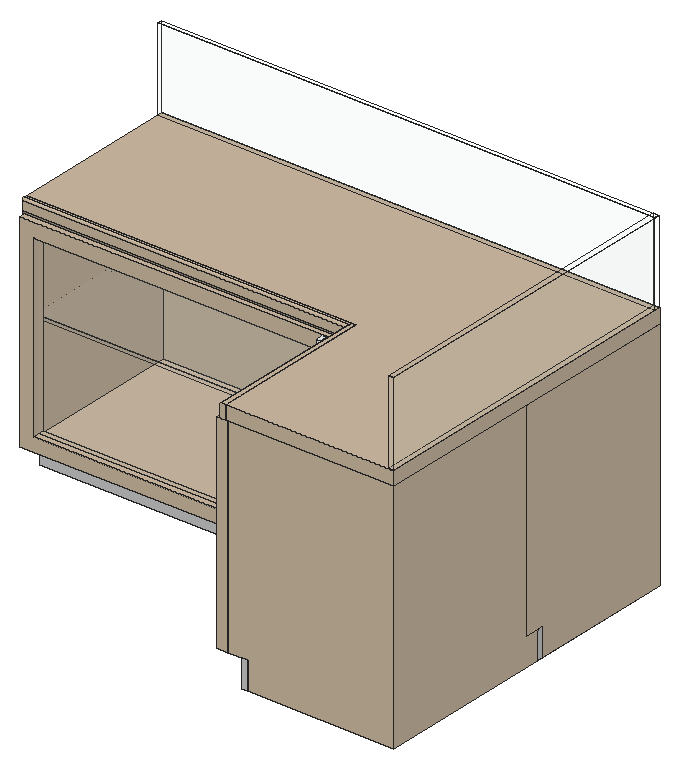
Revit family "Kitchen_Cabinet_Corner", category Casework, Revit 2021 (continued)
Forms (mm)
  Extrusion 24, solid, material "Revit Content - Wood" <- "Shell", visible <- "Corner Unit  Visibility"
    sketch origin (-3694.087, -870, 18.949) x (-1, 0, 0) y (0, 0, -1)
      loop
        line (-4594.087, -831.051) -> (-3994.087, -831.051) -> (-3994.087, -81.051) -> (-4064.087, -81.051) -> (-4064.087, 18.949) -> (-4594.087, 18.949) -> (-4594.087, -831.051)
    from 10 to 30
  Extrusion 25, solid, material "Revit Content - Kick Plate" <- "Kick Plate", visible <- "XXXCorner Unit Kickplate VisCalc"
    sketch origin (-3493.01, -900, 1000) x (-1, 0, 0) y (0, 0, 1)
      loop
        line (-3843.01, -900) -> (-3863.01, -900) -> (-3863.01, -1000) -> (-3843.01, -1000) -> (-3843.01, -900)
    from 0 to 650
  Extrusion 26, solid, material "Revit Content - Wood" <- "Shell", visible <- "Corner Unit  Visibility"
    sketch origin (0, 0, 0) x (1, 0, 0) y (0, 1, 0)
      loop
        line (880, 300) -> (880, -900) -> (900, -900) -> (900, 300) -> (880, 300)
    from 0 to 850
  Extrusion 27, solid, material "Revit Content - Wood" <- "Shell", visible <- "Corner Unit  Visibility"
    sketch origin (0, 0, 100) x (-1, 0, 0) y (0, -1, 0)
      loop
        line (-300, 300) -> (-300, 880) -> (-880, 880) -> (-880, 300) -> (-300, 300)
    from 0 to 20
  Extrusion 28, solid, material "Revit Content - Wood" <- "Shell", visible <- "Corner Unit  Visibility"
    sketch origin (0, 0, 830) x (-1, 0, 0) y (0, -1, 0)
      loop
        line (-300, 300) -> (-300, 900) -> (-900, 900) -> (-900, 300) -> (-300, 300)
    from 0 to 20
  Sweep 29, solid, material "Revit Content - Wood." <- "Top", visible <- "Corner Unit Top Profile VisCalc"
    path in 3D
      loop
        line (-900, -310, 900) -> (290, -310, 900) -> (290, -900, 900)
    profile origin (-305, -310, 900) x (0, 1, 0) y (0, 0, 1)
      loop
        line (0, 0) -> (-12, 0)
        arc (-12, 0) -> (-17.657, -2.343) -> (-20, -8) r 8
        line (-20, -8) -> (-20, -42)
        arc (-20, -42) -> (-17.657, -47.657) -> (-12, -50) r 8
        line (-12, -50) -> (0, -50) -> (0, 0)
  Sweep 30, solid, material "Revit Content - Wood" <- "Shell", visible <- "XXXWall Corner Unit Bottom Base VisCalc"
    path origin (0, 0, 100) x (-1, 0, 0) y (0, -1, 0)
      loop
        line (900, 300) -> (-300, 300) -> (-300, 900)
    profile origin (300, -600, 100) x (1, 0, 0) y (0, 0, 1)
      loop
        line (0, 0) -> (0, -40) -> (20, -40) -> (20, 0) -> (0, 0)
  Extrusion 31, solid, material "Revit Content - Wood" <- "Shell", visible <- "XXXWall Corner Unit Bottom Base VisCalc"
    sketch origin (0, 0, 100) x (-1, 0, 0) y (0, -1, 0)
      loop
        line (900, -300) -> (900, 300) -> (-300, 300) -> (-300, 900) -> (-900, 900) -> (-900, -300) -> (900, -300)
    from -20 to 0
  Extrusion 32, solid, material "Revit Content - Wood" <- "Shell", visible <- "Wall Corner Unit Bottom Profile Calc"
    sketch origin (0, 0, 100) x (-1, 0, 0) y (0, -1, 0)
      loop
        line (-320, 880) -> (-320, 900) -> (-900, 900) -> (-900, 880) -> (-320, 880)
    from -40 to 0
  Extrusion 33, solid, material "Revit Content - Wood" <- "Shell", visible <- "Wall Unit Left Side Bottom Profile Calc"
    sketch origin (0, 0, 100) x (-1, 0, 0) y (0, -1, 0)
      loop
        line (900, -300) -> (900, 280) -> (880, 280) -> (880, -300) -> (900, -300)
    from -40 to 0
  Extrusion 34, solid, material "Revit Content - Wood" <- "Shell", visible <- "Wall Unit Left Side Bottom Profile Calc"
    sketch origin (0, 0, 100) x (-1, 0, 0) y (0, -1, 0)
      loop
        line (900, -300) -> (900, 300) -> (880, 300) -> (880, -300) -> (900, -300)
    from -40 to 0
  Extrusion 35, solid, material "Revit Content - Wood" <- "Shell", visible <- "Wall Unit Right Side Bottom Profile Calc"
    sketch origin (0, 0, 100) x (-1, 0, 0) y (0, -1, 0)
      loop
        line (-880, -300) -> (-880, 300) -> (-900, 300) -> (-900, -300) -> (-880, -300)
    from -40 to 0
  Extrusion 36, solid, material "Revit Content - Door Right" <- "Door Right", visible <- "Corner Unit Panel VisCalc"
    sketch origin (-1489, -221, 100) x (1, 0, 0) y (0, 1, 0)
      loop
        line (1749, -679) -> (1789, -679) -> (1789, -124) -> (1749, -124) -> (1749, -679)
    from 0 to 750
  Extrusion 37, solid, material "Revit Content - Handle" <- "Handle", visible <- "Corner Unit Door Handle VisCalc", detail levels medium+fine
    sketch origin (260, 90, 100) x (0, -1, 0) y (0, 0, 1)
      loop
        line (485, 550) -> (500, 550) -> (500, 750) -> (485, 750) -> (485, 550)
    from 0 to 30 <- "Door Handle Depth"
  Extrusion 38, void
    sketch origin (260, -345, 100) x (0, 1, 0) y (0, 0, 1)
      loop
        line (-50, 700) -> (-505, 700) -> (-505, 50) -> (-50, 50) -> (-50, 700)
    from 40 <- "Door Thickness Calc" to 0
  Extrusion 39, solid, material "Revit Content - Glass" <- "Panel Glass", visible <- "Corner Unit Panel VisCalc"
    sketch origin (260, -345, 100) x (0, -1, 0) y (1, 0, 0)
      loop
        line (50, 21.5) -> (50, 18.5) -> (505, 18.5) -> (505, 21.5) -> (50, 21.5)
    from 50 <- "Panel Frame Thickness Bottom Calc" to 695 <- "Panel Glass End Calc"
  Extrusion 40, solid, material "Revit Content - Legs" <- "Legs", visible <- "Leg Vis 1"
    sketch origin (1604.588, 12.564, -150) x (1, 0, 0) y (0, 1, 0)
      loop
        arc (-2355.588, 187.436) -> (-2390.236, 173.084) -> (-2404.588, 138.436) r 49
        line (-2404.588, 138.436) -> (-2404.588, 136.436)
        arc (-2404.588, 136.436) -> (-2390.236, 101.787) -> (-2355.588, 87.436) r 49
        line (-2355.588, 87.436) -> (-2353.588, 87.436)
        arc (-2353.588, 87.436) -> (-2318.939, 101.787) -> (-2304.588, 136.436) r 49
        line (-2304.588, 136.436) -> (-2304.588, 138.436)
        arc (-2304.588, 138.436) -> (-2318.939, 173.084) -> (-2353.588, 187.436) r 49
        line (-2353.588, 187.436) -> (-2355.588, 187.436)
    from 150 to 250
  Extrusion 41, solid, material "Revit Content - Legs" <- "Legs", visible <- "Leg Vis 2"
    sketch origin (2521.556, 15, -150) x (1, 0, 0) y (0, 1, 0)
      loop
        arc (-1772.556, 185) -> (-1807.204, 170.648) -> (-1821.556, 136) r 49
        line (-1821.556, 136) -> (-1821.556, 134)
        arc (-1821.556, 134) -> (-1807.204, 99.352) -> (-1772.556, 85) r 49
        line (-1772.556, 85) -> (-1770.556, 85)
        arc (-1770.556, 85) -> (-1735.908, 99.352) -> (-1721.556, 134) r 49
        line (-1721.556, 134) -> (-1721.556, 136)
        arc (-1721.556, 136) -> (-1735.908, 170.648) -> (-1770.556, 185) r 49
        line (-1770.556, 185) -> (-1772.556, 185)
    from 150 to 250
  Extrusion 42, solid, material "Revit Content - Legs" <- "Legs", visible <- "Leg Vis 3"
    sketch origin (1632.858, -298.84, -150) x (1, 0, 0) y (0, 1, 0)
      loop
        arc (-2383.858, 198.84) -> (-2418.507, 184.489) -> (-2432.858, 149.84) r 49
        line (-2432.858, 149.84) -> (-2432.858, 147.84)
        arc (-2432.858, 147.84) -> (-2418.507, 113.192) -> (-2383.858, 98.84) r 49
        line (-2383.858, 98.84) -> (-2381.858, 98.84)
        arc (-2381.858, 98.84) -> (-2347.21, 113.192) -> (-2332.858, 147.84) r 49
        line (-2332.858, 147.84) -> (-2332.858, 149.84)
        arc (-2332.858, 149.84) -> (-2347.21, 184.489) -> (-2381.858, 198.84) r 49
        line (-2381.858, 198.84) -> (-2383.858, 198.84)
    from 150 to 250
  Extrusion 43, solid, material "Revit Content - Legs" <- "Legs", visible <- "Leg Vis 4"
    sketch origin (2562.858, -358.84, -150) x (1, 0, 0) y (0, 1, 0)
      loop
        arc (-1813.858, 258.84) -> (-1848.507, 244.489) -> (-1862.858, 209.84) r 49
        line (-1862.858, 209.84) -> (-1862.858, 207.84)
        arc (-1862.858, 207.84) -> (-1848.507, 173.192) -> (-1813.858, 158.84) r 49
        line (-1813.858, 158.84) -> (-1811.858, 158.84)
        arc (-1811.858, 158.84) -> (-1777.21, 173.192) -> (-1762.858, 207.84) r 49
        line (-1762.858, 207.84) -> (-1762.858, 209.84)
        arc (-1762.858, 209.84) -> (-1777.21, 244.489) -> (-1811.858, 258.84) r 49
        line (-1811.858, 258.84) -> (-1813.858, 258.84)
    from 150 to 250
  Extrusion 44, solid, material "Revit Content - Legs" <- "Legs", visible <- "Leg Vis 5"
    sketch origin (-1775.412, -962.436, -150) x (1, 0, 0) y (0, 1, 0)
      loop
        arc (2224.412, 262.436) -> (2189.764, 248.084) -> (2175.412, 213.436) r 49
        line (2175.412, 213.436) -> (2175.412, 211.436)
        arc (2175.412, 211.436) -> (2189.764, 176.787) -> (2224.412, 162.436) r 49
        line (2224.412, 162.436) -> (2226.412, 162.436)
        arc (2226.412, 162.436) -> (2261.061, 176.787) -> (2275.412, 211.436) r 49
        line (2275.412, 211.436) -> (2275.412, 213.436)
        arc (2275.412, 213.436) -> (2261.061, 248.084) -> (2226.412, 262.436) r 49
        line (2226.412, 262.436) -> (2224.412, 262.436)
    from 150 to 250
  Extrusion 45, solid, material "Revit Content - Legs" <- "Legs", visible <- "Leg Vis 6"
    sketch origin (-1430.412, -967.436, -150) x (1, 0, 0) y (0, 1, 0)
      loop
        arc (2179.412, 267.436) -> (2144.764, 253.084) -> (2130.412, 218.436) r 49
        line (2130.412, 218.436) -> (2130.412, 216.436)
        arc (2130.412, 216.436) -> (2144.764, 181.787) -> (2179.412, 167.436) r 49
        line (2179.412, 167.436) -> (2181.412, 167.436)
        arc (2181.412, 167.436) -> (2216.061, 181.787) -> (2230.412, 216.436) r 49
        line (2230.412, 216.436) -> (2230.412, 218.436)
        arc (2230.412, 218.436) -> (2216.061, 253.084) -> (2181.412, 267.436) r 49
        line (2181.412, 267.436) -> (2179.412, 267.436)
    from 150 to 250
  Extrusion 46, solid, material "Revit Content - Wood" <- "Shell", visible <- "Fix Panel"
    sketch origin (2300, -480, 0) x (-1, 0, 0) y (0, 0, 1)
      loop
        line (2042, 850) -> (1400, 850) -> (1400, 100) -> (2042, 100) -> (2042, 850)
    from 140 to 180
  Sweep 47, solid, material "Revit Content - Wood." <- "Top", visible <- "Top Profile VisCalc"
    path origin (0, -310, 0) x (-1, 0, 0) y (0, 0, 1)
      loop
        line (900, 900) -> (-900, 900)
    profile origin (0, -310, 900) x (0, 0, 1) y (0, -1, 0)
      loop
        line (0, 0) -> (0, 12)
        arc (0, 12) -> (-2.343, 17.657) -> (-8, 20) r 8
        line (-8, 20) -> (-42, 20)
        arc (-42, 20) -> (-47.657, 17.657) -> (-50, 12) r 8
        line (-50, 12) -> (-50, 0) -> (0, 0)
  Extrusion 48, solid, material "Revit Content - Additional Drawers" <- "Additional Drawers", visible <- "Adiitional Drawers VisCalc"
    sketch origin (-452.5, -446, -764) x (-1, 0, 0) y (0, 0, 1)
      loop
        line (447.5, 1609) -> (-1352.5, 1609) -> (-1352.5, 864) -> (447.5, 864) -> (447.5, 1609)
    from 106 to 146
  Extrusion 49, solid, material "Revit Content - Wood" <- "Shell", visible <- "Shelve VisCalc"
    sketch origin (0, 0, 100) x (-1, 0, 0) y (0, -1, 0)
      loop
        line (880, -280) -> (880, 300) -> (-880, 300) -> (-880, -280) -> (880, -280)
    from 0 to 20
  Extrusion 50, solid, material "Revit Content - Additional Drawers" <- "Additional Drawers", visible <- "Adiitional Drawers VisCalc"
    sketch origin (-452.5, -446, -764) x (-1, 0, 0) y (0, 0, 1)
      loop
        line (447.5, 1609) -> (-1352.5, 1609) -> (-1352.5, 864) -> (447.5, 864) -> (447.5, 1609)
    from 106 to 146
  Extrusion 51, solid, material "Revit Content - Wood" <- "Shell", visible <- "Wall Unit Bottom Base Visibility"
    sketch origin (900, 0, 0) x (0, -1, 0) y (0, 0, -1)
      loop
        line (-300, -100) -> (280, -100) -> (280, -80) -> (-300, -80) -> (-300, -100)
    from -1800 to 0
  Extrusion 52, solid, material "Revit Content - Handle" <- "Handle", visible <- "Additonal Draw Handle VisCalc"
    sketch origin (150, -340, 690) x (-1, 0, 0) y (0, 0, -1)
      loop
        line (400, -145) -> (400, -130) -> (-100, -130) -> (-100, -145) -> (400, -145)
    from 0 to 20 <- "Draw Handle Thickness Calc"
  Extrusion 53, solid, material "Revit Content - Handle" <- "Handle", visible <- "Additonal Draw Handle VisCalc"
    sketch origin (150, -340, 690) x (-1, 0, 0) y (0, 0, -1)
      loop
        line (400, -145) -> (400, -130) -> (-100, -130) -> (-100, -145) -> (400, -145)
    from 0 to 20 <- "Draw Handle Thickness Calc"
  Extrusion 54, solid, material "Revit Content - Back Splash" <- "Back Splash", visible <- "BackSplash VisCalc"
    sketch origin (0, 0, 900) x (-1, 0, 0) y (0, -1, 0)
      loop
        line (900, -300) -> (900, -280) -> (-900, -280) -> (-900, -300) -> (900, -300)
    from 0 to 300 <- "Back Splash Height Calc"
  Extrusion 55, solid, material "Revit Content - Back Splash" <- "Back Splash", visible <- "Corner Unit Back Splash VisCalc"
    sketch origin (0, 0, 900) x (-1, 0, 0) y (0, -1, 0)
      loop
        line (-880, -300) -> (-880, 900) -> (-900, 900) -> (-900, -300) -> (-880, -300)
    from 0 to 300 <- "Back Splash Height Calc"
Cuts and joins
  joined: Extrusion 1, Extrusion 3, Extrusion 19, Extrusion 20
  Extrusion 15 cuts Extrusion 9
  Extrusion 16 cuts Extrusion 8
  joined: Extrusion 24, Extrusion 26, Extrusion 28
  joined: Sweep 30, Extrusion 31
  Extrusion 38 cuts Extrusion 36
  joined: Extrusion 22, Extrusion 51
Lines and regions (mm)
  reference lines
    curve 1: line (-900, -340, 100) -> (260, -340, 100)
    curve 2: line (900, -340, 100) -> (-260, -340, 100)
    curve 3: line (-900, -340, 100) -> (260, -340, 100)
    curve 4: line (-260, -340, 100) -> (900, -340, 100)
    curve 7: line (260, -900, 100) -> (260, -345, 100)
    curve 8: line (260, -345, 100) -> (315, -345, 100)
    curve 9: line (260, -900, 100) -> (315, -900, 100)
    curve 10: line (260, -345, 100) -> (260, -900, 100)
    curve 11: line (300, 250, 1400) -> (321.213, 228.787, 1400)
    curve 12: line (300, 250, 1400) -> (300, 250, 1501)
    curve 13: line (370.004, 179.996, 1600) -> (371.418, 178.582, 1600)
    curve 14: line (441.421, 108.579, 1501) -> (441.421, 108.579, 1481)
    curve 15: arc (300, 250, 1501) -> (320.504, 229.496, 1571.004) -> (370.004, 179.996, 1600) r 99
    curve 16: arc (371.418, 178.582, 1600) -> (420.918, 129.082, 1571.004) -> (441.421, 108.579, 1501) r 99
  sketch lines
    curve 5: line (-900, -310, 900) -> (290, -310, 900)
    curve 6: line (290, -310, 900) -> (290, -900, 900)
  reference lines, not visible
    curve 17: line (900, -330, 850) -> (900, 300, 850)
    curve 18: line (-900, -330, 850) -> (-900, 300, 850)
Text (mm)
  text "Content & More Limited" at (546.434, 795.864, 0), in view "Ref. Level"
Dimensions and locks
  "Thickness Sides": plane 6 "1" to plane 26 "1A"
  "Thickness Sides": plane 9 "Top Top" to plane 13 "Top Bottom"
  "Thickness Bottom Calc": plane 14 "Middle Top" to plane 8 "Middle Bottom"
  equal spacing: plane 14 "Middle Top", plane 17 "Middle C/L", plane 8 "Middle Bottom"
  equal spacing: plane 9 "Top Top", plane 18 "Top C/L", plane 13 "Top Bottom"
  "XXXLeft Divider Height Calc": Extrusion 4 sketch curve to Extrusion 4 sketch curve
  "A Left Divider Offset From Bottom": Extrusion 4 sketch curve to plane 14 "Middle Top"
  "XXXRight Divider Height Calc": Extrusion 5 sketch curve to Extrusion 5 sketch curve
  "A Right Divider Offset From Bottom": Extrusion 5 sketch curve to plane 14 "Middle Top"
  "Shelves Width Calc": Extrusion 6 sketch curve to Extrusion 6 sketch curve
  "Shelves Thickness": Extrusion 6 sketch curve to Extrusion 6 sketch curve
  "Shelves Width Calc": Extrusion 7 sketch curve to Extrusion 7 sketch curve
  "Shelves Thickness": Extrusion 7 sketch curve to Extrusion 7 sketch curve
  group 1 to group 2 = 0 mm  (x3)
  "Shelve Offset From Bottom": Extrusion 6 to plane 14 "Middle Top"
  "Shelve Offset From Bottom Shelves Calc": Extrusion 7 to Extrusion 6
  "Hinge Position Left Calc": plane 4 "4" to plane 21 "Hinge Left"
  "Hinge Position Right Calc": plane 22 "Hinge Right" to plane 5 "2"
  "Pannel Side Calc": curve 1 to curve 1
  equal spacing: plane 6 "1", plane 1 "Center (Front/Back)", plane 25 "Front CPD"
  "Depth": plane 6 "1" to plane 25 "Front CPD"
  "XXXDepth Shelves & Divider Depth Calc": plane 7 "FRONT SHELVES" to plane 12 "BACK SHELVES"
  "Shelves & Divider Offset From Back": plane 26 "1A" to plane 12 "BACK SHELVES"
  "Thickness Sides": Extrusion 10 sketch curve to Extrusion 10 sketch curve
  "Kickplate Depth Offset": Extrusion 10 sketch curve to plane 25 "Front CPD"
  curve 2 to curve 2 = 1160 mm
  "Sliding Door Offset Calc": plane 20 "Panel Hinge LEFT" to plane 27 "Panel Hinge RIGHT"
  "Hinge Position IO Calc": plane 27 "Panel Hinge RIGHT" to plane 1 "Center (Front/Back)"
  "Double Door Thickness Calc": plane 25 "Front CPD" to Extrusion 11 sketch curve
  "Door Thickness Calc": Extrusion 11 sketch curve to plane 25 "Front CPD"
  locked: Extrusion 11 sketch curve to Extrusion 11 sketch curve at 2
  "Sliding Door Profile Distance Calc": plane 28 to plane 22 "Hinge Right"
  "XXXBottom Base Thickness Calc": plane 30 "Bottom Top" to plane 29 "Bottom"
  equal spacing: plane 30 "Bottom Top", plane 31 "Bottom C/L", plane 29 "Bottom"
  equal spacing: plane 6 "1", plane 19 "Back CPD C/L", plane 26 "1A"
  "XXXHeight Calc": plane 9 "Top Top" to plane 2 "BOTTOM"
  "Draw Side Distance Calc": plane 5 "2" to plane 32 "Draw Side Origion"
  "XXXDrawers Height Bottom Position Calc": plane 33 "Draw Bottom Origion" to plane 29 "Bottom"
  "XXXDrawers Height Position Calc Top RETURN": plane 34 "Draw 2 Bottom" to plane 33 "Draw Bottom Origion"
  "Door Thickness Calc": Extrusion 8 sketch curve to curve 2
  "XXXMiddle Base Offset Calc": plane 8 "Middle Bottom" to plane 29 "Bottom"
  "XXXDoor Bottom Offset Calc": plane 24 "Door Bottom" to plane 8 "Middle Bottom"
  "XXXDoor Top Offset Calc": plane 9 "Top Top" to plane 23 "Door Top"
  "Door Handle Width": Extrusion 13 sketch curve to Extrusion 13 sketch curve
  "Door Handle Height": Extrusion 13 sketch curve to Extrusion 13 sketch curve
  "Door Handle Width": Extrusion 14 sketch curve to Extrusion 14 sketch curve
  "Door Handle Height": Extrusion 14 sketch curve to Extrusion 14 sketch curve
  "Void Height Calc": Extrusion 15 sketch curve to Extrusion 15 sketch curve
  "Panel Frame Thickness Bottom Calc": Extrusion 15 sketch curve to curve 3
  "Pannel Side Calc": curve 3 to curve 3
  "Door Thickness Calc": Extrusion 9 sketch curve to curve 1
  "Void On/Off Calc": curve 3 to curve 1
  "Pannel Side Calc": curve 4 to curve 4
  "Void On/Off Calc": curve 4 to curve 2
  "Void Height Calc": Extrusion 16 sketch curve to Extrusion 16 sketch curve
  "Panel Frame Thickness Middle": curve 4 to Extrusion 16 sketch curve
  "Panel Frame Thickness Hinge Side": Extrusion 16 sketch curve to curve 4
  "Panel Frame Thickness Bottom Calc": Extrusion 16 sketch curve to curve 4
  "Panel Glass Thickness Calc": Extrusion 18 sketch curve to Extrusion 18 sketch curve
  "Panel Glass Position": Extrusion 18 sketch curve to curve 2
  "Top Right Side Offset": plane 5 "2" to plane 39 "TOP RIGHT"
  "Top Left Side Offset": plane 38 "TOP LEFT" to plane 4 "4"
  "Top Back Offset": plane 40 "TOP BACK" to plane 6 "1"
  "Top Front Offset": plane 25 "Front CPD" to plane 41 "TOP FRONT"
  "Top Thickness Calc": plane 37 "UPPER TOP" to plane 9 "Top Top"
  "A Right Divider Distance": Extrusion 5 to plane 11 "2A"
  "Bottom Base Height Calc": plane 29 "Bottom" to plane 2 "BOTTOM"
  "Top Back Offset": Extrusion 21 sketch curve to plane 6 "1"
  "Cooker Calc": plane 42 "Cooker" to plane 148 "Sink Cooker Extractor Position"
  "Sink Calc": plane 43 "Sink" to plane 148 "Sink Cooker Extractor Position"
  "Wall Unit Bottom Front Thickness Calc": Extrusion 22 sketch curve to plane 25 "Front CPD"
  equal spacing: plane 45 "Sink Front", plane 49 "Sink C/L.F/B", plane 44 "Sink Back"
  "Sink Depth Calc": plane 45 "Sink Front" to plane 44 "Sink Back"
  "Sink Width Calc": plane 47 "Sink Left" to plane 46 "Sink Right"
  "Sink Position From Middle Calc": plane 3 "Center (Left/Right)" to plane 48 "Sink C/L L/R"
  "Sink Depth Position From Middle": plane 49 "Sink C/L.F/B" to plane 1 "Center (Front/Back)"
  "Sink Height Calc": plane 43 "Sink" to plane 50 "Sink Bottom"
  "XXXDoor Top Offset Calc": plane 9 "Top Top" to plane 52 "Oven Top"
  "XXXDoor Bottom Offset Calc": plane 51 "Oven Bottom" to plane 8 "Middle Bottom"
  equal spacing: plane 56 "Cooker Front", plane 57 "Cooker F/B C/L", plane 55 "Cooker Back"
  "Cooker Width Half Calc": plane 3 "Center (Left/Right)" to plane 54 "Cooker Right"
  "Cooker Depth Calc": plane 56 "Cooker Front" to plane 55 "Cooker Back"
  "Cooker Front & Back Offset": plane 57 "Cooker F/B C/L" to plane 1 "Center (Front/Back)"
  "Wall unit height calc": plane 2 "BOTTOM" to level
  "Cooker Burner Front & Back Offset Calc": plane 60 to plane 55 "Cooker Back"
  "Cooker Burner Front & Back Offset Calc": plane 56 "Cooker Front" to plane 62
  "Cooker Burner Offset From Plate": plane 58 "Cooker Burner Top" to plane 42 "Cooker"
  "Height": plane 64 "Symbol Lines Top" to plane 65 "Symbol Lines Bottom"
  "XXXDoor Top Offset Calc": plane 141 to plane 67 "Symbol Lines Top 1"
  "Bottom Base Height Calc": plane 142 to plane 65 "Symbol Lines Bottom"
  equal spacing: plane 67 "Symbol Lines Top 1", plane 66 "Symbol Line Center Top & Bottom", plane 68 "Symbol Lines Bottom 1"
  "Wall unit height calc": plane 65 "Symbol Lines Bottom" to level
  equal spacing: plane 69 "Symbol Lines Plan Back", plane 73 "Symbol Lines Plan front/back", plane 70 "Symbol Lines Plan Front"
  "Depth": plane 69 "Symbol Lines Plan Back" to plane 70 "Symbol Lines Plan Front"
  equal spacing: plane 77 "Corner Unit Back & Front", plane 80 "Corner Unit Front Middle", plane 78 "Corner Unit Front"
  equal spacing: plane 75 "Corner Unit Left & Right", plane 79 "Corner Unit Right Middle", plane 76 "Corner Unit Right"
  "Corner Unit Depth Calc": plane 75 "Corner Unit Left & Right" to plane 76 "Corner Unit Right"
  "Corner Unit Width Calc": plane 77 "Corner Unit Back & Front" to plane 78 "Corner Unit Front"
  equal spacing: plane 82 "Corner Unit Back", plane 83 "Corner Unit Back Middle", plane 77 "Corner Unit Back & Front"
  "Depth": plane 82 "Corner Unit Back" to plane 77 "Corner Unit Back & Front"
  "CUM 4000": plane 76 "Corner Unit Right" to plane 5 "2"
  locked: plane 6 "1" to plane 82 "Corner Unit Back" at 0
  "Thickness Sides": plane 84 "Corner Unit Front A" to plane 78 "Corner Unit Front"
  "Thickness Sides": plane 85 "Corner Unit Right A" to plane 76 "Corner Unit Right"
  "Thickness Sides": plane 86 "Corner Unit Left & Right Skirting" to plane 87 "Corner Unit Left & Right Skirting A"
  "Kickplate Depth Offset": plane 75 "Corner Unit Left & Right" to plane 86 "Corner Unit Left & Right Skirting"
  "Kickplate Depth Offset": plane 88 to plane 77 "Corner Unit Back & Front"
  "Top Profile Extrusion Calc": profile plane to Sweep 29 sketch curve
  plane 5 "2" to Extrusion 10 = 0 mm
  "Wall Unit Bottom Front Thickness Calc": profile plane to Sweep 30 sketch curve
  "Thickness Bottom Calc": plane 29 "Bottom" to plane 89 "Corner Unit Bottom"
  "Thickness Sides": plane 81 "Corner Unit Left" to plane 91 "Corner Unit Left A"
  "Hinge Position Left Calc": plane 92 "Corner Unit Hinge LR" to plane 78 "Corner Unit Front"
  "Corner Unit Door Width Calc": curve 7 to curve 7
  "Door Thickness Calc": Extrusion 36 sketch curve to curve 7
  "Hinge Position IO Calc": plane 93 "Corner Unit Hinge IO" to plane 79 "Corner Unit Right Middle"
  "XXXDoor Bottom Offset Calc": Extrusion 36 to Extrusion 27
  "Door Handle Width": Extrusion 37 sketch curve to Extrusion 37 sketch curve
  "Door Handle Height": Extrusion 37 sketch curve to Extrusion 37 sketch curve
  "Door Handle Offset From Side": curve 8 to Extrusion 37 sketch curve
  "Corner Unit Door Width Calc": curve 10 to curve 10
  "Corner Unit Void Height Calc": Extrusion 38 sketch curve to Extrusion 38 sketch curve
  "Panel Frame Thickness Middle": Extrusion 38 sketch curve to curve 10
  "Panel Frame Thickness Hinge Side": Extrusion 38 sketch curve to curve 10
  "Panel Frame Thickness Bottom Calc": Extrusion 38 sketch curve to curve 10
  "Void On/Off Calc": curve 10 to curve 7
  "Panel Glass Thickness Calc": Extrusion 39 sketch curve to Extrusion 39 sketch curve
  "Panel Glass Position": Extrusion 39 sketch curve to curve 7
  "Width": plane 81 "Corner Unit Left" to plane 76 "Corner Unit Right"
  equal spacing: Extrusion 40 sketch curve, plane 94, Extrusion 40 sketch curve
  equal spacing: Extrusion 40 sketch curve, plane 95, Extrusion 40 sketch curve
  "Leg Width Calc": Extrusion 40 sketch curve to Extrusion 40 sketch curve
  "Leg Length Calc": Extrusion 40 sketch curve to Extrusion 40 sketch curve
  equal spacing: Extrusion 41 sketch curve, plane 96, Extrusion 41 sketch curve
  equal spacing: Extrusion 41 sketch curve, plane 97, Extrusion 41 sketch curve
  "Leg Width Calc": Extrusion 41 sketch curve to Extrusion 41 sketch curve
  "Leg Length Calc": Extrusion 41 sketch curve to Extrusion 41 sketch curve
  equal spacing: Extrusion 42 sketch curve, plane 98, Extrusion 42 sketch curve
  equal spacing: Extrusion 42 sketch curve, plane 99, Extrusion 42 sketch curve
  "Leg Width Calc": Extrusion 42 sketch curve to Extrusion 42 sketch curve
  "Leg Length Calc": Extrusion 42 sketch curve to Extrusion 42 sketch curve
  equal spacing: Extrusion 43 sketch curve, plane 100, Extrusion 43 sketch curve
  equal spacing: Extrusion 43 sketch curve, plane 101, Extrusion 43 sketch curve
  "Leg Width Calc": Extrusion 43 sketch curve to Extrusion 43 sketch curve
  "Leg Length Calc": Extrusion 43 sketch curve to Extrusion 43 sketch curve
  equal spacing: Extrusion 44 sketch curve, plane 102, Extrusion 44 sketch curve
  equal spacing: Extrusion 44 sketch curve, plane 103, Extrusion 44 sketch curve
  "Leg Width Calc": Extrusion 44 sketch curve to Extrusion 44 sketch curve
  "Leg Length Calc": Extrusion 44 sketch curve to Extrusion 44 sketch curve
  "Leg Position Front & Back": plane 6 "1" to plane 95
  "Leg Position Left & Right": plane 4 "4" to plane 94
  "Leg Position Front & Back": plane 6 "1" to plane 97
  "Leg Position Left & Right": plane 96 to plane 5 "2"
  "Leg Position Front & Back": plane 99 to plane 25 "Front CPD"
  "Leg Position Left & Right": plane 4 "4" to plane 98
  "Leg Position Left & Right": plane 100 to plane 5 "2"
  "Leg Position Front & Back": plane 101 to plane 25 "Front CPD"
  equal spacing: Extrusion 45 sketch curve, plane 104, Extrusion 45 sketch curve
  equal spacing: Extrusion 45 sketch curve, plane 105, Extrusion 45 sketch curve
  "Leg Width Calc": Extrusion 45 sketch curve to Extrusion 45 sketch curve
  "Leg Length Calc": Extrusion 45 sketch curve to Extrusion 45 sketch curve
  "Leg Position Left & Right": plane 103 to plane 92 "Corner Unit Hinge LR"
  "Leg Position Front & Back": plane 75 "Corner Unit Left & Right" to plane 102
  "Leg Position Front & Back": plane 104 to plane 76 "Corner Unit Right"
  "Leg Position Left & Right": plane 105 to plane 78 "Corner Unit Front"
  "XXXVoid Leg Vis Calc": plane 29 "Bottom" to plane 106 "Void"
  "Divider Thickness": Extrusion 4 sketch curve to Extrusion 4 sketch curve
  "Divider Thickness": Extrusion 5 sketch curve to Extrusion 5 sketch curve
  "Draw Handle Width": plane 108 "Draw Handle Right" to plane 107 "Draw Handle Left"
  "Sink 2 Depth Calc": plane 110 to plane 109
  "Sink 2 Width Calc": plane 112 "Sink 2 Left" to plane 111 "Sink 2 Right"
  "Sink 2 Height Calc": plane 113 "Sink 2" to plane 114 "Sink 2 Bottom"
  equal spacing: plane 110, plane 115 "Sink 2 C/L F/B", plane 109
  equal spacing: plane 112 "Sink 2 Left", plane 116 "Sink 2 C/L L/R", plane 111 "Sink 2 Right"
  "Sink 2 Depth Position From Middle": plane 115 "Sink 2 C/L F/B" to plane 49 "Sink C/L.F/B"
  "Sink 2 Position From Sink": plane 111 "Sink 2 Right" to plane 47 "Sink Left"
  "Sink Tap Position From Back": plane 6 "1" to plane 117 "Sink Tap Horizontal"
  "Sink Tap Position From Middle": plane 118 "Sink Tap Vertical" to plane 123 "Sink Middle"
  locked: curve 11 to curve 11 at 30
  "Sink Tap Height Calc": curve 13 to curve 11
  "Sink Tap Length Calc": curve 14 to curve 12
  "Sink Tap Length 2 Calc": curve 16 to curve 14
  "Extractor Hood Top Height Calc": plane 122 "Extractor Hood Top" to plane 120 "Extractor Hood Bottom Top"
  "Extractor Hood Middle Height Calc": plane 121 "Extractor Hood Middle Top" to plane 120 "Extractor Hood Bottom Top"
  "Extractor Hood Bottom Height Calc": plane 120 "Extractor Hood Bottom Top" to plane 119 "Extractor Hood Bottom"
  "Extractor Hood Height Position": plane 119 "Extractor Hood Bottom" to plane 148 "Sink Cooker Extractor Position"
  "Sink 2 Calc": plane 113 "Sink 2" to plane 148 "Sink Cooker Extractor Position"
  equal spacing: plane 47 "Sink Left", plane 123 "Sink Middle", plane 46 "Sink Right"
  "Sink Position From Middle": plane 3 "Center (Left/Right)" to plane 123 "Sink Middle"
  "Corner Unit Door Top Offset Calc": plane 9 "Top Top" to plane 124 "Corner Unit Door Top Offset"
  "Panel Frame Thickness Middle": Extrusion 15 sketch curve to curve 3
  "Panel Glass Thickness Calc": Extrusion 17 sketch curve to Extrusion 17 sketch curve
  "Panel Glass Position": curve 1 to Extrusion 17 sketch curve
  "Door Handle Offset From Side": Extrusion 13 sketch curve to curve 3
  "Door Thickness Calc": Extrusion 46 to Extrusion 46
  "Hinge Position Left Calc": plane 71 "Symbol Lines Plan Left" to plane 125 "Plan Left Symbol Line Hinge"
  "Hinge Position Right Calc": plane 126 "Plan Right Symbol Line Hinge" to plane 72 "Symbol Lines Plan Right"
  "Hinge Position IO Calc": plane 73 "Symbol Lines Plan front/back" to plane 127 "Szmbol Lines Hinge IO"
  "KickPlate Right Side Offset Calc": plane 5 "2" to Extrusion 10 sketch curve
  "KickPlate Left Side Offset Calc": Extrusion 10 sketch curve to plane 4 "4"
  "Fix Panel Geomtry Width Calc": plane 22 "Hinge Right" to Extrusion 46 sketch curve
  "Fix Panel Side Space Calc": Extrusion 46 sketch curve to plane 22 "Hinge Right"
  "Top Profile Extrusion Calc": Sweep 47 sketch curve to Sweep 47 sketch curve
  "Fix Panel Top & Bottom Offset Calc": Extrusion 46 sketch curve to plane 29 "Bottom"
  "Fix Panel Top & Bottom Offset Calc": plane 9 "Top Top" to Extrusion 46 sketch curve
  equal spacing: plane 108 "Draw Handle Right", plane 128 "Draw Handle Center", plane 107 "Draw Handle Left"
  "Fix Panel Offset Half Calc": plane 3 "Center (Left/Right)" to plane 128 "Draw Handle Center"
  "Top Back Offset": Extrusion 23 sketch curve to plane 6 "1"
  "Top Left Side Offset": Extrusion 23 sketch curve to plane 81 "Corner Unit Left"
  "Top Back Offset": plane 76 "Corner Unit Right" to Extrusion 23 sketch curve
  locked: plane 63 "Symbol Lines" to plane 65 "Symbol Lines Bottom" at 0
  "Top Profile Offset Left": plane 152 "Left Top Profile" to Sweep 47 sketch curve
  "Top Profile Offset Right": plane 153 "Top Right Profile" to Sweep 47 sketch curve
  "Top Right Side Offset": plane 78 "Corner Unit Front" to Extrusion 23 sketch curve
  "ADDITIONAL DRAWERS MAINTAINANCE 400": plane 36 "Draw Front" to plane 129 "Additional Drawers Front"
  "XXXAdiitional Drawers Height Min Calc": Extrusion 48 sketch curve to Extrusion 48 sketch curve
  "Draw Thickness Calc": Extrusion 48 to Extrusion 48
  "XXXAdiitional Drawers Height Position Calc BOTTOM": plane 130 "Additional Drawers" to plane 29 "Bottom"
  "Draw Width Calc": Extrusion 48 sketch curve to Extrusion 48 sketch curve
  "XXXAdiitional Drawers Height Position Calc TOP": plane 131 "Additional Drawers Height Postion Calc" to plane 130 "Additional Drawers"
  "Thickness Sides HALF": plane 5 "2" to plane 16 "Right CPD C/L"
  "Thickness Sides HALF": plane 16 "Right CPD C/L" to plane 11 "2A"
  "Thickness Sides HALF": plane 15 "Left CPD C/L" to plane 10 "4 A"
  "Thickness Sides HALF": plane 4 "4" to plane 15 "Left CPD C/L"
  "Wall Unit Bottom Front Length Calc": plane 29 "Bottom" to plane 132 "Wall Unit Bottom Corner Heights"
  locked: plane 132 "Wall Unit Bottom Corner Heights" to plane 90 "Corner Unit Bottom A"
  "Width Half": plane 4 "4" to plane 3 "Center (Left/Right)"
  "Width Half": plane 3 "Center (Left/Right)" to plane 5 "2"
  "Pannel Side Calc": curve 2 to curve 2
  "XXXAdiitional Drawers Height Min Calc": Extrusion 50 sketch curve to Extrusion 50 sketch curve
  "Draw Thickness Calc": Extrusion 50 to Extrusion 50
  "Draw Width Calc": Extrusion 50 sketch curve to Extrusion 50 sketch curve
  group 3 to group 4 = 0 mm  (x3)
  "Oven VisCalc": plane 25 "Front CPD" to plane 35 "Oven Front"
  "Width Half": plane 71 "Symbol Lines Plan Left" to plane 74 "Symbol Lines Plan Left/Right"
  "Width Half": plane 74 "Symbol Lines Plan Left/Right" to plane 72 "Symbol Lines Plan Right"
  plane 74 "Symbol Lines Plan Left/Right" to plane 3 "Center (Left/Right)" = 0 mm
  locked: plane 136 "Symbol Lines Drawers & Sliding Vis Left" to plane 134 "Symbol Lines Drawers & Sliding Vis Center" at 225
  locked: plane 134 "Symbol Lines Drawers & Sliding Vis Center" to plane 135 "Symbol Lines Drawers & Sliding Vis Right" at 225
  "SLM 4000": plane 3 "Center (Left/Right)" to plane 74 "Symbol Lines Plan Left/Right"
  "Cooker Burner Side Offset Calc": plane 53 "Cooker Left" to plane 61 "Cooker Hob Radius Center Left"
  "Cooker Burner Side Offset Calc": plane 59 "Cooker Hob Radius Center Right" to plane 54 "Cooker Right"
  "Wall Unit Bottom Thickness Calc": Extrusion 51 sketch curve to Extrusion 51 sketch curve
  "Draw Handle Height Calc": Extrusion 52 sketch curve to Extrusion 52 sketch curve
  "Draw Handle Width": Extrusion 52 sketch curve to Extrusion 52 sketch curve
  "Draw Handle Height Calc": Extrusion 53 sketch curve to Extrusion 53 sketch curve
  "Draw Handle Width": Extrusion 53 sketch curve to Extrusion 53 sketch curve
  group 5 to group 6 = 0 mm  (x3)
  "XXXAdiitional Drawers Height Min Calc": plane 137 "Additional Draw Height 1st" to plane 130 "Additional Drawers"
  "XXXAdiitional Drawers Height Min Calc": plane 138 "Additional Draw Height 2nd" to plane 131 "Additional Drawers Height Postion Calc"
  "Additional Drawer Handle Height Position": plane 138 "Additional Draw Height 2nd" to Extrusion 53
  "Additional Drawer Handle Height Position": plane 137 "Additional Draw Height 1st" to Extrusion 52
  "XXXDrawers Height Min Calc RETURN": plane 139 "Draw Height 1st" to plane 33 "Draw Bottom Origion"
  "XXXDrawers Height Min Calc RETURN": plane 140 "Draw Height 2nd" to plane 34 "Draw 2 Bottom"
  "Top Thickness Calc": plane 64 "Symbol Lines Top" to plane 141
  "XXXMiddle Base Offset Calc": plane 68 "Symbol Lines Bottom 1" to plane 142
  "Draw Thickness Calc": plane 143 "Aditional Drawers Back Ref" to plane 129 "Additional Drawers Front"
  "XXXDraw Depth Position Calc": plane 1 "Center (Front/Back)" to plane 36 "Draw Front"
  "Back Splash Thickness Calc": Extrusion 54 sketch curve to Extrusion 54 sketch curve
  "Backsplash Right Offset Calc2": plane 39 "TOP RIGHT" to Extrusion 54 sketch curve
  "Backsplash Left Offset Calc": Extrusion 54 sketch curve to plane 38 "TOP LEFT"
  "Back Splash Thickness Calc": Extrusion 55 sketch curve to Extrusion 55 sketch curve
  "Cooker Width Half Calc": plane 53 "Cooker Left" to plane 3 "Center (Left/Right)"
  "XXXDoor Bottom Offset Calc": plane 145 "Symbol Line Elevation Bottom Offset" to plane 68 "Symbol Lines Bottom 1"
  "Shelve Offset From Bottom": nested 3 to plane 14 "Middle Top"
  group 8 to group 7 = 0 mm  (x2)
  group 7 to group 8 = 0 mm
  "Shelve Offset From Bottom Shelves Calc": nested 4 to nested 3
  "Shelve Offset From Bottom": nested 5 to plane 14 "Middle Top"
  group 9 to group 10 = 0 mm  (x3)
  "Shelve Offset From Bottom Shelves Calc": nested 6 to nested 5
  "Depth Top Calc": curve 18 to curve 18
  "Depth Top Calc": curve 17 to curve 17
  "Left Top Angle Offset Calc": plane 38 "TOP LEFT" to plane 146 "Left Top Angle Offset Calc"
  "Right Top Angle Offset Calc": plane 147 "Right Top Angle Offset Calc" to plane 39 "TOP RIGHT"
  "Right Back Right Offset": plane 5 "2" to Extrusion 1 sketch curve
  "Left Back Left Offset": Extrusion 1 sketch curve to plane 4 "4"
  "Sink Cooker Extract Drainer Position Calc": plane 148 "Sink Cooker Extractor Position" to plane 9 "Top Top"
  "Door Handle Offset From Side": Extrusion 14 sketch curve to curve 4
  locked: plane 144 "Corner Unit 45 Degree Top Front Offset" to plane 149 "Top  Front Offset Calc"
  "Top Front Offset": plane 150 "Top Front Offset Corner Unit" to plane 75 "Corner Unit Left & Right"
  "XXXTop Front Offset Calc": plane 150 "Top Front Offset Corner Unit" to plane 151 "Top Front Offset Calc Corner Unit"
  "XXXTop Front Offset Calc": plane 41 "TOP FRONT" to plane 149 "Top  Front Offset Calc"
  "Top Profile Left Offset Calc": plane 152 "Left Top Profile" to plane 146 "Left Top Angle Offset Calc"
  "Top Profile Right Offset Calc": plane 147 "Right Top Angle Offset Calc" to plane 153 "Top Right Profile"
  "Panel Frame Thickness Hinge Side": curve 3 to Extrusion 15 sketch curve
  "Door Handle Offset From Top": cut or joined group of Extrusion 9, Extrusion 15 to Extrusion 13 sketch curve
  "Door Handle Offset From Top": cut or joined group of Extrusion 8, Extrusion 16 to Extrusion 14 sketch curve
  "Door Handle Offset From Top": cut or joined group of Extrusion 36, Extrusion 38 to Extrusion 37 sketch curve
  "Top Profile Radius Top Calc": radius of Sweep 29 sketch curve
  "Top Profile Radius Bottom Calc": radius of Sweep 29 sketch curve
  "Leg Radius Calc": radius of Extrusion 40 sketch curve  (x4)
  "Leg Radius Calc": radius of Extrusion 41 sketch curve  (x4)
  "Leg Radius Calc": radius of Extrusion 42 sketch curve  (x4)
  "Leg Radius Calc": radius of Extrusion 43 sketch curve  (x4)
  "Leg Radius Calc": radius of Extrusion 44 sketch curve  (x4)
  "Leg Radius Calc": radius of Extrusion 45 sketch curve  (x4)
  "Sink Tap Radius Calc": radius of curve 15
  "Sink Tap Radius Calc": radius of curve 16
  "Top Profile Radius Bottom Calc": radius of Sweep 47 sketch curve  (x2)
  "Door Swing Right Calc": angle plane 27 "Panel Hinge RIGHT" to curve 2
  "Door Swing Right Calc": angle plane 93 "Corner Unit Hinge IO" to curve 7
  locked: curve 7 to curve 8 (angle 90.00°)
  locked: curve 9 to curve 7 (angle 90.00°)
  "Sink Tap Angle Position": angle curve 11 to plane 117 "Sink Tap Horizontal"
  "Door Swing Left Calc": angle curve 1 to plane 20 "Panel Hinge LEFT"
  "Right Top Angle Calc": angle curve 17 to plane 147 "Right Top Angle Offset Calc"
  "Left Top Angle Calc": angle plane 146 "Left Top Angle Offset Calc" to curve 18
  aligned and locked: Extrusion 1 sketch curve to plane 6 "1"
  aligned and locked: Extrusion 3 sketch curve to plane 4 "4"
  aligned and locked: Extrusion 3 sketch curve to plane 6 "1"
  aligned and locked: plane 5 "2" to Extrusion 3 sketch curve
  aligned and locked: plane 7 "FRONT SHELVES" to Extrusion 5
  aligned and locked: plane 12 "BACK SHELVES" to Extrusion 5
  aligned and locked: Extrusion 6 to plane 7 "FRONT SHELVES"
  aligned and locked: plane 10 "4 A" to Extrusion 6
  aligned and locked: plane 10 "4 A" to Extrusion 7
  aligned and locked: curve 1 to Extrusion 9 sketch curve
  aligned and locked: Extrusion 8 to plane 24 "Door Bottom"
  aligned and locked: Extrusion 9 to plane 24 "Door Bottom"
  aligned and locked: Extrusion 8 to plane 23 "Door Top"
  aligned and locked: Extrusion 9 to plane 23 "Door Top"
  aligned and locked: Extrusion 4 to plane 7 "FRONT SHELVES"
  aligned and locked: plane 12 "BACK SHELVES" to Extrusion 4
  aligned and locked: Extrusion 7 to plane 7 "FRONT SHELVES"
  aligned and locked: Extrusion 2 sketch curve to plane 10 "4 A"
  aligned and locked: Extrusion 2 sketch curve to plane 26 "1A"
  aligned and locked: Extrusion 2 sketch curve to plane 11 "2A"
  aligned and locked: Extrusion 11 sketch curve to plane 5 "2"
  aligned and locked: Extrusion 11 sketch curve to plane 25 "Front CPD"
  aligned and locked: Extrusion 11 sketch curve to plane 11 "2A"
  aligned and locked: Extrusion 3 to plane 9 "Top Top"
  aligned and locked: Extrusion 2 to plane 8 "Middle Bottom"
  aligned and locked: Extrusion 2 to plane 14 "Middle Top"
  aligned and locked: Extrusion 12 sketch curve to plane 30 "Bottom Top"
  aligned and locked: Extrusion 12 sketch curve to plane 29 "Bottom"
  aligned and locked: Extrusion 12 sketch curve to plane 10 "4 A"
  aligned and locked: Extrusion 12 sketch curve to plane 11 "2A"
  aligned and locked: plane 26 "1A" to Extrusion 12
  aligned and locked: Extrusion 11 to plane 13 "Top Bottom"
  aligned and locked: plane 14 "Middle Top" to Extrusion 11
  aligned and locked: Extrusion 8 sketch curve to curve 2  (x3)
  aligned and locked: plane 2 "BOTTOM" to cut or joined group of Extrusion 1, Extrusion 3, Extrusion 19, Extrusion 20
  aligned and locked: Extrusion 19 sketch curve to plane 6 "1"
  aligned and locked: Extrusion 19 sketch curve to plane 2 "BOTTOM"
  aligned and locked: Extrusion 19 sketch curve to plane 25 "Front CPD"
  aligned and locked: Extrusion 19 sketch curve to plane 29 "Bottom"
  aligned and locked: Extrusion 20 sketch curve to plane 6 "1"
  aligned and locked: Extrusion 20 sketch curve to plane 2 "BOTTOM"
  aligned and locked: Extrusion 20 sketch curve to cut or joined group of Extrusion 1, Extrusion 3, Extrusion 19, Extrusion 20
  aligned and locked: Extrusion 20 sketch curve to plane 29 "Bottom"
  aligned and locked: Extrusion 20 sketch curve to plane 25 "Front CPD"
  aligned and locked: plane 5 "2" to Extrusion 20
  aligned and locked: Extrusion 19 sketch curve to plane 13 "Top Bottom"
  aligned and locked: Extrusion 20 sketch curve to plane 13 "Top Bottom"
  aligned and locked: Extrusion 12 to plane 25 "Front CPD"
  aligned and locked: Extrusion 1 to Extrusion 2
  aligned and locked: Extrusion 2 to plane 25 "Front CPD"
  aligned and locked: cut or joined group of Extrusion 1, Extrusion 3, Extrusion 19, Extrusion 20 to plane 25 "Front CPD"
  aligned and locked: plane 29 "Bottom" to Extrusion 10
  aligned and locked: Extrusion 10 to plane 2 "BOTTOM"
  aligned and locked: Extrusion 19 sketch curve to Extrusion 10
  aligned and locked: plane 70 "Symbol Lines Plan Front" to plane 25 "Front CPD"
  aligned and locked: plane 9 "Top Top" to Extrusion 23
  aligned and locked: Extrusion 23 to plane 37 "UPPER TOP"
  aligned and locked: plane 78 "Corner Unit Front" to Extrusion 24
  aligned and locked: Extrusion 24 sketch curve to plane 76 "Corner Unit Right"
  aligned and locked: Extrusion 24 sketch curve to plane 75 "Corner Unit Left & Right"
  aligned and locked: plane 9 "Top Top" to Extrusion 24 sketch curve
  aligned and locked: plane 2 "BOTTOM" to Extrusion 24 sketch curve
  aligned and locked: Extrusion 24 to plane 84 "Corner Unit Front A"
  aligned and locked: Extrusion 24 to plane 87 "Corner Unit Left & Right Skirting A"
  aligned and locked: plane 29 "Bottom" to Extrusion 24
  aligned and locked: plane 86 "Corner Unit Left & Right Skirting" to Extrusion 25 sketch curve
  aligned and locked: Extrusion 25 sketch curve to plane 87 "Corner Unit Left & Right Skirting A"
  aligned and locked: plane 29 "Bottom" to Extrusion 25 sketch curve
  aligned and locked: Extrusion 25 sketch curve to plane 2 "BOTTOM"
  aligned and locked: plane 78 "Corner Unit Front" to Extrusion 25
  aligned and locked: Extrusion 25 to plane 88
  aligned and locked: Extrusion 26 sketch curve to plane 85 "Corner Unit Right A"
  aligned and locked: Extrusion 26 sketch curve to plane 76 "Corner Unit Right"
  aligned and locked: plane 78 "Corner Unit Front" to Extrusion 26 sketch curve
  aligned and locked: plane 2 "BOTTOM" to Extrusion 26
  aligned and locked: Extrusion 26 to plane 9 "Top Top"
  aligned and locked: plane 75 "Corner Unit Left & Right" to Extrusion 27 sketch curve
  aligned and locked: Extrusion 27 sketch curve to plane 84 "Corner Unit Front A"
  aligned and locked: plane 85 "Corner Unit Right A" to Extrusion 27 sketch curve
  aligned and locked: plane 77 "Corner Unit Back & Front" to Extrusion 27 sketch curve
  aligned and locked: Extrusion 27 to plane 30 "Bottom Top"
  aligned and locked: plane 82 "Corner Unit Back" to Extrusion 26 sketch curve
  aligned and locked: plane 77 "Corner Unit Back & Front" to Extrusion 28 sketch curve
  aligned and locked: plane 75 "Corner Unit Left & Right" to Extrusion 28 sketch curve
  aligned and locked: Extrusion 28 sketch curve to plane 76 "Corner Unit Right"
  aligned and locked: Extrusion 28 sketch curve to plane 78 "Corner Unit Front"
  aligned and locked: plane 13 "Top Bottom" to Extrusion 28
  aligned and locked: Extrusion 28 to plane 9 "Top Top"
  aligned and locked: Sweep 29 sketch curve to profile plane
  aligned and locked: plane 9 "Top Top" to Sweep 29 sketch curve
  aligned and locked: plane 37 "UPPER TOP" to Sweep 29 sketch curve
  aligned and locked: Sweep 30 sketch curve to plane 75 "Corner Unit Left & Right"
  aligned and locked: plane 77 "Corner Unit Back & Front" to Sweep 30 sketch curve
  aligned and locked: Sweep 30 sketch curve to plane 78 "Corner Unit Front"
  aligned and locked: plane 81 "Corner Unit Left" to Sweep 30 sketch curve
  aligned and locked: Sweep 30 sketch curve to profile plane  (x2)
  aligned and locked: plane 77 "Corner Unit Back & Front" to Extrusion 31 sketch curve
  aligned and locked: plane 82 "Corner Unit Back" to Extrusion 31 sketch curve
  aligned and locked: Extrusion 31 sketch curve to plane 75 "Corner Unit Left & Right"
  aligned and locked: Extrusion 31 to plane 29 "Bottom"
  aligned and locked: Extrusion 32 sketch curve to plane 78 "Corner Unit Front"
  aligned and locked: plane 84 "Corner Unit Front A" to Extrusion 32 sketch curve
  aligned and locked: Extrusion 32 sketch curve to cut or joined group of Sweep 30, Extrusion 31
  aligned and locked: plane 89 "Corner Unit Bottom" to cut or joined group of Sweep 30, Extrusion 31
  aligned and locked: plane 90 "Corner Unit Bottom A" to Extrusion 32
  aligned and locked: Extrusion 33 sketch curve to plane 91 "Corner Unit Left A"
  aligned and locked: plane 81 "Corner Unit Left" to Extrusion 33 sketch curve
  aligned and locked: plane 82 "Corner Unit Back" to Extrusion 33 sketch curve
  aligned and locked: cut or joined group of Sweep 30, Extrusion 31 to Extrusion 33 sketch curve
  aligned and locked: plane 10 "4 A" to Extrusion 34 sketch curve
  aligned and locked: Extrusion 34 sketch curve to plane 4 "4"
  aligned and locked: Extrusion 34 sketch curve to plane 6 "1"
  aligned and locked: Extrusion 35 sketch curve to plane 5 "2"
  aligned and locked: Extrusion 35 sketch curve to plane 11 "2A"
  aligned and locked: Extrusion 35 sketch curve to plane 6 "1"
  aligned and locked: curve 8 to curve 7
  aligned and locked: curve 9 to curve 8
  aligned and locked: Extrusion 36 sketch curve to curve 7
  aligned and locked: curve 8 to Extrusion 36 sketch curve
  aligned and locked: curve 9 to Extrusion 36 sketch curve
  aligned and locked: Extrusion 40 to plane 29 "Bottom"
  aligned and locked: plane 2 "BOTTOM" to Extrusion 40
  aligned and locked: plane 2 "BOTTOM" to Extrusion 41
  aligned and locked: Extrusion 41 to plane 29 "Bottom"
  aligned and locked: plane 2 "BOTTOM" to Extrusion 42
  aligned and locked: Extrusion 42 to plane 29 "Bottom"
  aligned and locked: plane 2 "BOTTOM" to Extrusion 43
  aligned and locked: Extrusion 43 to plane 29 "Bottom"
  aligned and locked: plane 2 "BOTTOM" to Extrusion 44
  aligned and locked: Extrusion 44 to plane 29 "Bottom"
  aligned and locked: plane 2 "BOTTOM" to Extrusion 45
  aligned and locked: Extrusion 45 to plane 29 "Bottom"
  aligned and locked: plane 117 "Sink Tap Horizontal" to curve 11
  aligned and locked: plane 118 "Sink Tap Vertical" to curve 11
  aligned and locked: cut or joined group of Extrusion 36, Extrusion 38 to plane 124 "Corner Unit Door Top Offset"
  aligned and locked: Extrusion 9 sketch curve to curve 1  (x2)
  aligned and locked: Extrusion 15 to Extrusion 17 sketch curve
  aligned and locked: Extrusion 16 to Extrusion 18 sketch curve  (x2)
  aligned and locked: Extrusion 17 to Extrusion 15
  aligned and locked: Extrusion 15 to Extrusion 17
  aligned and locked: Extrusion 16 to Extrusion 18  (x2)
  aligned and locked: Extrusion 46 to plane 27 "Panel Hinge RIGHT"
  aligned and locked: plane 93 "Corner Unit Hinge IO" to curve 7
  aligned and locked: curve 7 to plane 92 "Corner Unit Hinge LR"
  aligned and locked: curve 10 to Extrusion 38
  aligned and locked: Extrusion 39 to Extrusion 38
  aligned and locked: Extrusion 38 to Extrusion 39
  aligned and locked: Sweep 47 sketch curve to plane 37 "UPPER TOP"
  aligned and locked: plane 9 "Top Top" to Sweep 47 sketch curve
  aligned and locked: plane 130 "Additional Drawers" to Extrusion 48
  aligned and locked: plane 132 "Wall Unit Bottom Corner Heights" to Extrusion 34
  aligned and locked: plane 132 "Wall Unit Bottom Corner Heights" to Extrusion 22 sketch curve
  aligned and locked: plane 25 "Front CPD" to Extrusion 35 sketch curve
  aligned and locked: plane 25 "Front CPD" to Extrusion 34 sketch curve
  aligned and locked: plane 29 "Bottom" to Extrusion 33
  aligned and locked: plane 132 "Wall Unit Bottom Corner Heights" to Extrusion 33
  aligned and locked: Extrusion 49 sketch curve to plane 26 "1A"
  aligned and locked: plane 11 "2A" to Extrusion 49 sketch curve
  aligned and locked: Extrusion 49 sketch curve to plane 10 "4 A"
  aligned and locked: plane 25 "Front CPD" to Extrusion 49 sketch curve
  aligned and locked: Extrusion 49 to plane 29 "Bottom"
  aligned and locked: plane 30 "Bottom Top" to Extrusion 49
  aligned and locked: Extrusion 22 sketch curve to plane 29 "Bottom"
  aligned and locked: Sweep 30 sketch curve to plane 132 "Wall Unit Bottom Corner Heights"
  aligned and locked: cut or joined group of Extrusion 1, Extrusion 3, Extrusion 19, Extrusion 20 to plane 10 "4 A"
  aligned and locked: Extrusion 22 sketch curve to plane 25 "Front CPD"
  aligned and locked: plane 20 "Panel Hinge LEFT" to curve 1
  aligned and locked: plane 21 "Hinge Left" to curve 1
  aligned and locked: plane 27 "Panel Hinge RIGHT" to curve 2
  aligned and locked: plane 22 "Hinge Right" to curve 2
  aligned and locked: plane 32 "Draw Side Origion" to Extrusion 48
  aligned and locked: plane 32 "Draw Side Origion" to Extrusion 50
  aligned and locked: Extrusion 50 to plane 131 "Additional Drawers Height Postion Calc"
  aligned and locked: plane 4 "4" to cut or joined group of Extrusion 22, Extrusion 51  (x2)
  aligned and locked: plane 5 "2" to cut or joined group of Extrusion 22, Extrusion 51  (x2)
  aligned and locked: plane 78 "Corner Unit Front" to Extrusion 31 sketch curve
  aligned and locked: Extrusion 31 sketch curve to plane 76 "Corner Unit Right"
  aligned and locked: Extrusion 31 sketch curve to plane 81 "Corner Unit Left"
  aligned and locked: Extrusion 51 sketch curve to plane 6 "1"
  aligned and locked: Extrusion 51 sketch curve to plane 29 "Bottom"
  aligned and locked: Extrusion 51 sketch curve to cut or joined group of Sweep 30, Extrusion 31
  aligned and locked: plane 108 "Draw Handle Right" to Extrusion 53
  aligned and locked: plane 108 "Draw Handle Right" to Extrusion 52
  aligned and locked: Extrusion 32 sketch curve to plane 76 "Corner Unit Right"
  aligned and locked: plane 4 "4" to cut or joined group of Extrusion 1, Extrusion 3, Extrusion 19, Extrusion 20
  aligned and locked: plane 143 "Aditional Drawers Back Ref" to Extrusion 48
  aligned and locked: plane 143 "Aditional Drawers Back Ref" to Extrusion 50
  aligned and locked: plane 129 "Additional Drawers Front" to Extrusion 52
  aligned and locked: plane 129 "Additional Drawers Front" to Extrusion 53
  aligned and locked: Extrusion 54 sketch curve to plane 40 "TOP BACK"
  aligned and locked: cut or joined group of Extrusion 1, Extrusion 3, Extrusion 19, Extrusion 20 to plane 13 "Top Bottom"
  aligned and locked: plane 29 "Bottom" to Extrusion 24 sketch curve
  aligned and locked: plane 127 "Szmbol Lines Hinge IO" to nested 1
  aligned and locked: nested 1 to plane 125 "Plan Left Symbol Line Hinge"
  aligned and locked: nested 2 to plane 126 "Plan Right Symbol Line Hinge"
  aligned and locked: nested 2 to plane 127 "Szmbol Lines Hinge IO"
  aligned and locked: nested 2 to plane 145 "Symbol Line Elevation Bottom Offset"
  aligned and locked: plane 145 "Symbol Line Elevation Bottom Offset" to nested 1
  aligned and locked: plane 3 "Center (Left/Right)" to nested 3
  aligned and locked: nested 3 to plane 25 "Front CPD"
  aligned and locked: plane 3 "Center (Left/Right)" to nested 4
  aligned and locked: nested 4 to plane 25 "Front CPD"
  aligned and locked: plane 84 "Corner Unit Front A" to nested 5
  aligned and locked: nested 5 to plane 85 "Corner Unit Right A"
  aligned and locked: plane 84 "Corner Unit Front A" to nested 6
  aligned and locked: nested 6 to plane 85 "Corner Unit Right A"
  aligned and locked: plane 41 "TOP FRONT" to curve 18
  aligned and locked: plane 41 "TOP FRONT" to curve 17
  aligned and locked: plane 146 "Left Top Angle Offset Calc" to curve 18
  aligned and locked: plane 147 "Right Top Angle Offset Calc" to curve 17
  aligned and locked: cut or joined group of Extrusion 1, Extrusion 3, Extrusion 19, Extrusion 20 to plane 9 "Top Top"
  aligned and locked: plane 149 "Top  Front Offset Calc" to Extrusion 23 sketch curve
  aligned and locked: Extrusion 21 sketch curve to plane 149 "Top  Front Offset Calc"
  aligned and locked: profile plane to Sweep 47 sketch curve
  aligned and locked: Extrusion 23 sketch curve to plane 151 "Top Front Offset Calc Corner Unit"
  aligned and locked: curve 18 to Extrusion 21 sketch curve
  aligned and locked: Extrusion 21 sketch curve to curve 17
  aligned and locked: cut or joined group of Extrusion 9, Extrusion 15 to Extrusion 17 sketch curve
Automatic sketch dimensions
  curve 3 to curve 1 = 0 mm
  curve 4 to curve 2 = 0 mm
  curve 12 to curve 11 = 0 mm  (x2)
  plane 20 "Panel Hinge LEFT" to Extrusion 2 sketch curve = 40 mm
  plane 20 "Panel Hinge LEFT" to Extrusion 3 sketch curve = 40 mm
  plane 10 "4 A" to Extrusion 4 sketch curve = 0 mm
  Extrusion 5 sketch curve to plane 11 "2A" = 0 mm
  Extrusion 11 sketch curve to plane 11 "2A" = 0 mm
  Extrusion 24 sketch curve to plane 87 "Corner Unit Left & Right Skirting A" = 0 mm
  curve 10 to Extrusion 39 sketch curve = 50 mm
  Extrusion 39 sketch curve to curve 10 = 50 mm
  Extrusion 1 sketch curve to plane 26 "1A" = 0 mm
  Sweep 47 sketch curve to plane 37 "UPPER TOP" = 0 mm
  Extrusion 55 sketch curve to plane 5 "2" = 0 mm
  Extrusion 55 sketch curve to plane 6 "1" = 0 mm
  plane 78 "Corner Unit Front" to Extrusion 55 sketch curve = 0 mm
  Extrusion 11 sketch curve to plane 5 "2" = 1.766 mm
Nested families
  nested 1: "Handle" at (-900, -340, 100) x (-1, 0, 0) z (0, 0, 1), type "Left"
    with VisCalc Handle 1 no, VisCalc 0, Symbol Lines Plan 3D no, Symbol Lines Panel Width Calc 1160 mm, Symbol Lines Elevation 3D Sliding Door no, Symbol Lines Elevation 3D Not Hinge Side no, Symbol Lines Elevation 3D Hinge Side no, Symbol Lines Elevation 2D Sliding Door no, Symbol Line Plan Angle 90.00°, Side Position 30 mm, PANEL HEIGHT 745 mm, Door Width Half 580 mm, Door Width 1160 mm
  nested 2: "Handle" at (900, -340, 100), type "Right"
    with VisCalc Handle 1 no, VisCalc 0, Symbol Lines Plan 3D no, Symbol Lines Panel Width Calc 1160 mm, Symbol Lines Elevation 3D Sliding Door no, Symbol Lines Elevation 3D Not Hinge Side no, Symbol Lines Elevation 3D Hinge Side no, Symbol Lines Elevation 2D Sliding Door no, Symbol Line Plan Angle 90.00°, PANEL HEIGHT 745 mm, Door Width Half 580 mm, Door Width 1160 mm
  nested 3: "45 Degree Shelve" at (0, -300, 505), type "45 Degree Shelve"
    with Shelve Width 1200 mm, Shelve Vis no, Divider Vis no, 45 Degree Shelve Width 1800 mm, 45 Degree Shelve Vis no, 45 Degree Shelve Thickness 15 mm, 45 Degree Shelve Front Offset 80 mm, 45 Degree Shelve Depth 575 mm
  nested 4: "45 Degree Shelve" at (0, -300, 505), type "45 Degree Shelve"
    with Shelve Width 1200 mm, Shelve Vis no, Divider Vis no, 45 Degree Shelve Width 1800 mm, 45 Degree Shelve Vis no, 45 Degree Shelve Thickness 15 mm, 45 Degree Shelve Front Offset 80 mm, 45 Degree Shelve Depth 575 mm
  nested 5: "45 Degree Shelve" at (305, -880, 505) x (0, -1, 0) z (0, 0, 1), type "Corner Unit Shelve"
    with Shelve Width 580 mm, Shelve Thickness 15 mm, Shelve Depth 575 mm, Divider Vis no, 45 Degree Shelve Width 1200 mm, 45 Degree Shelve Vis no, 45 Degree Shelve Thickness 15 mm, 45 Degree Shelve Front Offset 20 mm, 45 Degree Shelve Depth 590 mm
  nested 6: "45 Degree Shelve" at (305, -880, 505) x (0, -1, 0) z (0, 0, 1), type "Corner Unit Shelve"
    with Shelve Width 580 mm, Shelve Thickness 15 mm, Shelve Depth 575 mm, Divider Vis no, 45 Degree Shelve Width 1200 mm, 45 Degree Shelve Vis no, 45 Degree Shelve Thickness 15 mm, 45 Degree Shelve Front Offset 20 mm, 45 Degree Shelve Depth 590 mm
Definition of nested family "45 Degree Shelve"
  Parameters
    Width = 0 mm
    Shelve Width = 1000 mm
    Shelve Vis = yes
    Shelve Thickness = 100 mm
    Shelve Depth = 1000 mm
    Shelve = none
    Divider Thickness = 20 mm
    Divider Height = 800 mm
    Divider Bottom Offset = 200 mm
    Divider Depth = 600 mm
    Divider Vis = yes
    Divider = none
    Default Elevation = 0 mm
    45 Degree Shelve Width = 600 mm
    45 Degree Shelve Vis = yes
    45 Degree Shelve Thickness = 100 mm
    45 Degree Shelve Matirial = none
    Height = 0 mm
    45 Degree Shelve Front Offset = 10 mm
    Depth = 0 mm
    45 Degree Shelve Depth = 600 mm
  Reference planes
    plane 1 "Center (Front/Back)": y = 0
    plane 2: z = 0
    plane 3 "Center (Left/Right)": x = 0
    plane 4: z = 200
  Forms (mm)
    Extrusion 1, solid, material <- "45 Degree Shelve Matirial", visible <- "45 Degree Shelve Vis"
      sketch origin (0, 0, 0) x (1, 0, 0) y (0, 1, 0)
        loop
          line (300, 0) -> (724.264, 424.264) -> (0, 1148.528) -> (-724.264, 424.264) -> (-300, 0) -> (300, 0)
      from 0 to 100 <- "45 Degree Shelve Thickness"
    Extrusion 2, void
      sketch origin (0, 0, 0) x (1, 0, 0) y (0, 1, 0)
        loop
          line (-310, 10) -> (-290, -10) -> (290, -10) -> (310, 10) -> (-310, 10)
      from 0 to 100
    Extrusion 3, solid, material <- "Divider", visible <- "Divider Vis"
      sketch origin (-192.603, -1524, 200) x (-1, 0, 0) y (0, -1, 0)
        loop
          line (-172.603, -2124) -> (-172.603, -1524) -> (-192.603, -1524) -> (-192.603, -2124) -> (-172.603, -2124)
      from 0 to 800
    Extrusion 4, solid, material <- "Shelve", visible <- "Shelve Vis"
      sketch origin (0, 0, 0) x (1, 0, 0) y (0, 1, 0)
        loop
          line (-1000, 1000) -> (-1000, 0) -> (0, 0) -> (0, 1000) -> (-1000, 1000)
      from 0 to 100
  Cuts and joins
    Extrusion 2 cuts Extrusion 1
  Dimensions and locks
    "45 Degree Shelve Depth": Extrusion 1 sketch curve to Extrusion 1 sketch curve  (x2)
    equal spacing: Extrusion 1 sketch curve, plane 3 "Center (Left/Right)", Extrusion 1 sketch curve
    "45 Degree Shelve Width": Extrusion 1 sketch curve to Extrusion 1 sketch curve
    "45 Degree Shelve Front Offset": plane 1 "Center (Front/Back)" to Extrusion 2 sketch curve
    locked: Extrusion 2 sketch curve to plane 1 "Center (Front/Back)" at 10
    "Divider Depth": Extrusion 3 sketch curve to Extrusion 3 sketch curve
    "Divider Thickness": Extrusion 3 sketch curve to Extrusion 3 sketch curve
    "Divider Bottom Offset": plane 4 to level
    "Divider Height": Extrusion 3 to Extrusion 3
    "Shelve Width": Extrusion 4 sketch curve to Extrusion 4 sketch curve
    "Shelve Depth": Extrusion 4 sketch curve to Extrusion 4 sketch curve
    "Shelve Thickness": Extrusion 4 to Extrusion 4
    locked: Extrusion 1 sketch curve to Extrusion 1 sketch curve (angle 90.00°)  (x2)
    aligned and locked: Extrusion 1 sketch curve to plane 1 "Center (Front/Back)"
    aligned and locked: cut or joined group of Extrusion 1, Extrusion 2 to level  (x2)
    aligned and locked: cut or joined group of Extrusion 1, Extrusion 2 to cut or joined group of Extrusion 1, Extrusion 2
    aligned and locked: Extrusion 2 sketch curve to cut or joined group of Extrusion 1, Extrusion 2  (x2)
    aligned and locked: Extrusion 3 sketch curve to plane 3 "Center (Left/Right)"
    aligned and locked: Extrusion 3 sketch curve to plane 1 "Center (Front/Back)"
    aligned and locked: level to plane 2
    aligned and locked: Extrusion 4 sketch curve to plane 1 "Center (Front/Back)"
    aligned and locked: Extrusion 4 to level
